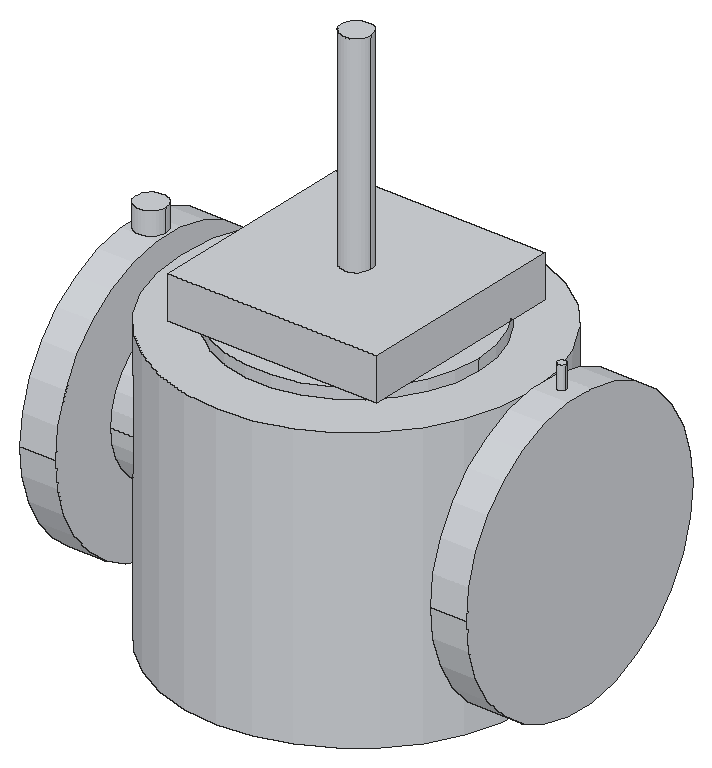
Revit family "OPTIMA_Compact_FLANGE_PN25_DN200-LF_RFA_2019", category Pipe Accessories, Revit 2019
Family settings
  Round Connector Dimension = Use Diameter
  Part Type = Valve - Breaks Into
  Work Plane-Based = No
  Always vertical = Yes
  Cut with Voids When Loaded = No
  Shared = No
Parameters (values of type "Optima Compact Flange PN25 DN200 LF")
  magiProductId = ""
  magiProductFamilyId = ""
  magiPartTypeId = 304
  isMeasuringValve [instance] = no
  ang2D [instance] = 0.00°
  W2D = 100 mm
  VersionID = "2.0/2018.8.28.1/FRESE_OPTIMA_FLANGE_Q13_002"
  Use Minimum Symbol Size [instance] = yes
  URL = "www.hydronic.cz"
  Type Comments = "Přírubový; PN25; 0~110°C, s měřením"
  R4 = 164.5 mm
  R3 = 98.8 mm
  R1 = 235 mm
  QmdConnectorList = "301;D;302;D"
  Productdata [instance] = ""
  Manufacturer = "Hydronic Systems Prague s.r.o."
  MC Product Code = "53-1226 (DN200 LF; 43mm; pohon min 1500N; Qmin-dpmin 95000l/h-11.0kPa; Qmax-dpmin 210000l/h-32.0kPa; dpmax 800kPa)"
  MC Piping Given Pressure Drop [instance] = 0.0 Pa
  LF__ve = -LF  # -48 mm
  LF2 = 24 mm
  LF = 48 mm
  L4 = 282 mm
  L3 = 504 mm
  L2D_Min = 3048 mm
  L2D = 350 mm
  L2 = 300 mm
  H6 = 281 mm
  H4 = 57 mm
  H3 = 15 mm
  H2 = 209 mm
  H1 = 380 mm
  Description = "Tlakově nezávislý 2-cestný regulační vyvažovací ventil (PICV)"
  DF2 = 190 mm
  D = 200 mm
  CAT0 = yes
Types (14, lengths in mm): name | magiProductId | magiProductFamilyId | W2D | Type Comments | R4 | R3 | R1 | MC Product Code | LF__ve | LF2 | LF | L4 | L3 | L2D | L2 | H6 | H4 | H3 | H2 | H1 | DF2 | D
  Optima Compact Flange PN25 DN050 LF | "Frese Optima Flange DN050 LF" | "Frese Optima Flange *" | 50 | "Přírubový; PN25; 0~120°C, s měřením" | 40.3 | 42.9 | 57.5 | "53-1220 (DN50 LF; 20mm; pohon min 1000N; Qmin-dpmin 2500l/h-6.5kPa; Qmax-dpmin 15000l/h-20.0kPa; dpmax 800kPa)" | -18.4 | 9.2 | 18.4 | 108.1 | 193.2 | 230 | 115 | 157.3 | 24.8 | 20.6 | 61.9 | 123.8 | 82.5 | 50
  Optima Compact Flange PN25 DN050 HF | "Frese Optima Flange DN050 HF" | "Frese Optima Flange *" | 50 | "Přírubový; PN25; 0~120°C, s měřením" | 40.25 | 42.9 | 57.5 | "53-1230 (DN50 HF; 20mm; pohon min 1000N; Qmin-dpmin 3900l/h-19.0kPa; Qmax-dpmin 24000l/h-50.0kPa; dpmax 800kPa)" | -18.4 | 9.2 | 18.4 | 108.1 | 193.2 | 230 | 115 | 157.25 | 24.75 | 20.625 | 61.875 | 123.75 | 82.5 | 50
  Optima Compact Flange PN25 DN065 LF | "Frese Optima Flange DN065 LF" | "Frese Optima Flange *" | 50 | "Přírubový; PN25; 0~120°C, s měřením" | 50.75 | 48.1 | 72.5 | "53-1221 (DN65 LF; 20mm; pohon min 1000N; Qmin-dpmin 4400l/h-15.0kPa; Qmax-dpmin 25000l/h-25.0kPa; dpmax 800kPa)" | -23.2 | 11.6 | 23.2 | 136.3 | 243.6 | 230 | 145 | 171.25 | 27.75 | 23.125 | 69.375 | 138.75 | 92.5 | 65
  Optima Compact Flange PN25 DN065 HF | "Frese Optima Flange DN065 HF" | "Frese Optima Flange *" | 50 | "Přírubový; PN25; 0~120°C, s měřením" | 50.75 | 48.1 | 72.5 | "53-1231 (DN65 HF; 20mm; pohon min 1000N; Qmin-dpmin 6000l/h-30.0kPa; Qmax-dpmin 35000l/h-55.0kPa; dpmax 800kPa)" | -23.2 | 11.6 | 23.2 | 136.3 | 243.6 | 230 | 145 | 171.25 | 27.75 | 23.125 | 69.375 | 138.75 | 92.5 | 65
  Optima Compact Flange PN25 DN080 LF | "Frese Optima Flange DN080 LF" | "Frese Optima Flange *" | 50 | "Přírubový; PN25; 0~120°C, s měřením" | 54.25 | 52 | 77.5 | "53-1222 (DN80 LF; 20mm; pohon min 1000N; Qmin-dpmin 5300l/h-16.0kPa; Qmax-dpmin 34000l/h-25.0kPa; dpmax 800kPa)" | -24.8 | 12.4 | 24.8 | 145.7 | 260.4 | 230 | 155 | 183 | 30 | 25 | 75 | 150 | 100 | 80
  Optima Compact Flange PN25 DN080 HF | "Frese Optima Flange DN080 HF" | "Frese Optima Flange *" | 50 | "Přírubový; PN25; 0~120°C, s měřením" | 54.25 | 52 | 77.5 | "53-1232 (DN80 HF; 20mm; pohon min 1000N; Qmin-dpmin 7000l/h-23.0kPa; Qmax-dpmin 43000l/h-50.0kPa; dpmax 800kPa)" | -24.8 | 12.4 | 24.8 | 145.7 | 260.4 | 230 | 155 | 183 | 30 | 25 | 75 | 150 | 100 | 80
  Optima Compact Flange PN25 DN100 LF | "Frese Optima Flange DN100 LF" | "Frese Optima Flange *" | 50 | "Přírubový; PN25; 0~120°C, s měřením" | 61.25 | 61.1 | 87.5 | "53-1223 (DN100 LF; 40mm; pohon min 1000N; Qmin-dpmin 12100l/h-20.0kPa; Qmax-dpmin 68000l/h-35.0kPa; dpmax 800kPa)" | -28 | 14 | 28 | 164.5 | 294 | 230 | 175 | 268.75 | 35.25 | 29.375 | 88.125 | 176.25 | 117.5 | 100
  Optima Compact Flange PN25 DN100 HF | "Frese Optima Flange DN100 HF" | "Frese Optima Flange *" | 50 | "Přírubový; PN25; 0~120°C, s měřením" | 61.25 | 61.1 | 87.5 | "53-1233 (DN100 HF; 40mm; pohon min 1000N; Qmin-dpmin 14800l/h-30.0kPa; Qmax-dpmin 90000l/h-75.0kPa; dpmax 800kPa)" | -28 | 14 | 28 | 164.5 | 294 | 230 | 175 | 268.75 | 35.25 | 29.375 | 88.125 | 176.25 | 117.5 | 100
  Optima Compact Flange PN25 DN125 LF | "Frese Optima Flange DN125 LF" | "Frese Optima Flange *" | 50 | "Přírubový; PN25; 0~120°C, s měřením" | 70 | 70.2 | 100 | "53-1224 (DN125 LF; 40mm; pohon min 1000N; Qmin-dpmin 18500l/h-16.0kPa; Qmax-dpmin 110000l/h-35.0kPa; dpmax 800kPa)" | -32 | 16 | 32 | 188 | 336 | 230 | 200 | 275.5 | 40.5 | 33.75 | 101.25 | 202.5 | 135 | 125
  Optima Compact Flange PN25 DN125 HF | "Frese Optima Flange DN125 HF" | "Frese Optima Flange *" | 50 | "Přírubový; PN25; 0~120°C, s měřením" | 70 | 70.2 | 100 | "53-1234 (DN125 HF; 40mm; pohon min 1000N; Qmin-dpmin 23000l/h-27.0kPa; Qmax-dpmin 135000l/h-53.0kPa; dpmax 800kPa)" | -32 | 16 | 32 | 188 | 336 | 230 | 200 | 275.5 | 40.5 | 33.75 | 101.25 | 202.5 | 135 | 125
  Optima Compact Flange PN25 DN150 LF | "Frese Optima Flange DN150 LF" | "Frese Optima Flange *" | 50 | "Přírubový; PN25; 0~110°C, s měřením" | 84 | 74.1 | 120 | "53-1225 (DN150 LF; 43mm; pohon min 1500N; Qmin-dpmin 25600l/h-21.0kPa; Qmax-dpmin 148000l/h-35.0kPa; dpmax 800kPa)" | -38.4 | 19.2 | 38.4 | 225.6 | 403.2 | 230 | 240 | 279.25 | 42.75 | 35.625 | 106.875 | 213.75 | 142.5 | 150
  Optima Compact Flange PN25 DN150 HF | "Frese Optima Flange DN150 HF" | "Frese Optima Flange *" | 50 | "Přírubový; PN25; 0~110°C, s měřením" | 84 | 74.1 | 120 | "53-1235 (DN150 HF; 43mm; pohon min 1500N; Qmin-dpmin 32000l/h-33.0kPa; Qmax-dpmin 195000l/h-65.0kPa; dpmax 800kPa)" | -38.4 | 19.2 | 38.4 | 225.6 | 403.2 | 230 | 240 | 279.25 | 42.75 | 35.625 | 106.875 | 213.75 | 142.5 | 150
  Optima Compact Flange PN25 DN200 LF | "" | "" | 100 | "Přírubový; PN25; 0~110°C, s měřením" | 164.5 | 98.8 | 235 | "53-1226 (DN200 LF; 43mm; pohon min 1500N; Qmin-dpmin 95000l/h-11.0kPa; Qmax-dpmin 210000l/h-32.0kPa; dpmax 800kPa)" | -48 | 24 | 48 | 282 | 504 | 350 | 300 | 281 | 57 | 15 | 209 | 380 | 190 | 200
  Optima Compact Flange PN25 DN200 HF | "" | "" | 100 | "Přírubový; PN25; 0~110°C, s měřením" | 164.5 | 98.8 | 235 | "53-1236 (DN200 HF; 43mm; pohon min 1500N; Qmin-dpmin 130000l/h-31.0kPa; Qmax-dpmin 280000l/h-78.0kPa; dpmax 800kPa)" | -48 | 24 | 48 | 282 | 504 | 350 | 300 | 281 | 57 | 15 | 209 | 380 | 190 | 200
Reference planes
  plane 1 "Center (Front/Back)": y = 0
  plane 2 "XYPLANE": z = 0
  plane 3 "Center (Left/Right)": x = 0
  plane 4 "157": x = 276
  plane 5 "156": x = -276
  plane 6 "155": z = 190
  plane 7 "154": z = 243
  plane 8 "153": z = 186
  plane 9 "152": z = 171
  plane 10 "151": x = -252
  plane 11 "150": z = -209
  plane 12 "149": x = 0
  plane 13 "148": y = 0
  plane 14 "147": z = 0
  plane 15 "146": x = -300
  plane 16 "145": x = 300
Forms (mm)
  Extrusion 1, solid, visible <- "CAT0"
    sketch origin (-750, 0, 190) x (1, 0, 0) y (0, 1, 0)
      loop
        circle (1026, 0) r 5.5
    from 0 to 30
  Extrusion 2, solid, visible <- "CAT0"
    sketch origin (-750, 0, 190) x (1, 0, 0) y (0, 1, 0)
      loop
        circle (474, 0) r 20.3
    from 0 to 30
  Extrusion 3, solid, visible <- "CAT0"
    sketch origin (-750, 0, 243) x (1, 0, 0) y (0, 1, 0)
      loop
        circle (750, 0) r 20
    from 0 to 281 <- "H6"
  Extrusion 4, solid, visible <- "CAT0"
    sketch origin (-750, 0, 186) x (1, 0, 0) y (0, 1, 0)
      loop
        line (891, 141) -> (609, 141) -> (609, -141) -> (891, -141) -> (891, 141)
    from 0 to 57 <- "H4"
  Extrusion 5, solid, visible <- "CAT0"
    sketch origin (-750, 0, 171) x (1, 0, 0) y (0, 1, 0)
      loop
        circle (750, 0) r 164.5
    from 0 to 15 <- "H3"
  Extrusion 6, solid, visible <- "CAT0"
    sketch origin (-252, -750, 0) x (0, 1, 0) y (0, 0, 1)
      loop
        circle (750, 0) r 98.8
    from 0 to 504 <- "L3"
  Extrusion 7, solid, visible <- "CAT0"
    sketch origin (-750, 0, -209) x (1, 0, 0) y (0, 1, 0)
      loop
        circle (750, 0) r 235
    from 0 to 380 <- "H1"
  Extrusion 8, solid, visible <- "CAT0"
    sketch origin (-300, -750, 0) x (0, 1, 0) y (0, 0, 1)
      loop
        circle (750, 0) r 190
    from 0 to 48 <- "LF"
  Extrusion 9, solid, visible <- "CAT0"
    sketch origin (300, -750, 0) x (0, 1, 0) y (0, 0, 1)
      loop
        circle (750, 0) r 190
    from 0 to -48 <- "LF__ve"
  Extrusion 10, solid, not visible
    sketch origin (-300, -750, 0) x (0, 1, 0) y (0, 0, 1)
      loop
        circle (750, 0) r 10
    from 0 to 10
  Extrusion 11, solid, not visible
    sketch origin (300, -750, 0) x (0, 1, 0) y (0, 0, 1)
      loop
        circle (750, 0) r 10
    from 0 to -10
Lines and regions (mm)
  reference lines, not visible
    curve 1: circle (2, 2, 0) r 1 normal (0, 0, 1)
  reference lines
    curve 2: circle (0, 0, 186) r 1 normal (0, 0, 1)
Dimensions and locks
  plane 1 "Center (Front/Back)" to curve 1 = 2 mm
  "LF2": plane 16 "145" to plane 4 "157"
  "LF2": plane 15 "146" to plane 5 "156"
  "DF2": plane 2 "XYPLANE" to plane 6 "155"
  "H4": plane 8 "153" to plane 7 "154"
  "H3": plane 9 "152" to plane 8 "153"
  "H1": plane 11 "150" to plane 9 "152"
  "LF": plane 15 "146" to plane 10 "151"
  "H2": plane 2 "XYPLANE" to plane 11 "150"
  locked: plane 3 "Center (Left/Right)" to plane 12 "149"
  locked: plane 1 "Center (Front/Back)" to plane 13 "148"
  locked: plane 2 "XYPLANE" to plane 14 "147"
  "L2": plane 3 "Center (Left/Right)" to plane 15 "146"
  "L2": plane 3 "Center (Left/Right)" to plane 16 "145"
  equal spacing: Extrusion 4 sketch curve, curve 2, Extrusion 4 sketch curve  (x2)
  "L4": Extrusion 4 sketch curve to Extrusion 4 sketch curve  (x2)
  Extrusion 4 sketch curve to Extrusion 4 sketch curve = 0 mm  (x8)
  "R4": radius of Extrusion 5 sketch curve
  "R3": radius of Extrusion 6 sketch curve
  "R1": radius of Extrusion 7 sketch curve
  "DF2": radius of Extrusion 8 sketch curve
  "DF2": radius of Extrusion 9 sketch curve
  aligned and locked: level to plane 2 "XYPLANE"
  aligned and locked: plane 4 "157" to Extrusion 1 sketch curve
  aligned and locked: plane 13 "148" to Extrusion 1 sketch curve
  aligned and locked: plane 5 "156" to Extrusion 2 sketch curve
  aligned and locked: plane 13 "148" to Extrusion 2 sketch curve
  aligned and locked: plane 12 "149" to Extrusion 3 sketch curve
  aligned and locked: plane 13 "148" to Extrusion 3 sketch curve
  aligned and locked: plane 12 "149" to curve 2
  aligned and locked: plane 13 "148" to curve 2
  aligned and locked: plane 12 "149" to Extrusion 5 sketch curve
  aligned and locked: plane 13 "148" to Extrusion 5 sketch curve
  aligned and locked: Extrusion 6 sketch curve to plane 13 "148"
  aligned and locked: plane 14 "147" to Extrusion 6 sketch curve
  aligned and locked: plane 12 "149" to Extrusion 7 sketch curve
  aligned and locked: plane 13 "148" to Extrusion 7 sketch curve
  aligned and locked: Extrusion 8 sketch curve to plane 13 "148"
  aligned and locked: plane 14 "147" to Extrusion 8 sketch curve
  aligned and locked: Extrusion 9 sketch curve to plane 13 "148"
  aligned and locked: plane 14 "147" to Extrusion 9 sketch curve
  aligned and locked: Extrusion 10 sketch curve to plane 13 "148"
  aligned and locked: plane 14 "147" to Extrusion 10 sketch curve
  aligned and locked: Extrusion 11 sketch curve to plane 13 "148"
  aligned and locked: plane 14 "147" to Extrusion 11 sketch curve
Automatic sketch dimensions
  Extrusion 1 sketch curve to plane 4 "157" = 5.5 mm
  plane 15 "146" to Extrusion 2 sketch curve = 3.7 mm
  Extrusion 3 sketch curve to plane 3 "Center (Left/Right)" = 20 mm
  plane 1 "Center (Front/Back)" to Extrusion 10 sketch curve = 10 mm
  plane 1 "Center (Front/Back)" to Extrusion 11 sketch curve = 10 mm
  plane 3 "Center (Left/Right)" to curve 1 = 2 mm
  plane 10 "151" to Extrusion 4 sketch curve = 111 mm
  plane 1 "Center (Front/Back)" to Extrusion 4 sketch curve = 141 mm
  radius of curve 2 = 1 mm
  radius of curve 1 = 1 mm
Connectors
  piping at (-300, 0, 0), diameter 200, driven by "D"
    settings: on Extrusion 10, index 1, connector inside diameter 609.6 mm, connector length 0 mm, flow factor 0, pipe flow 0.0 L/s, pressure drop 0.0 Pa, fitting loss kfactor 0, connector angle 0.00°, fixture units 0, engagement length 0 mm, angle of deflection 0.00°, flow configuration 0, flow direction 0, fitting loss method 0, system type 29, joint type 0, gender type 0, connector reference index 2, connector utility 0, adjustable connector no, is connector primary yes, connector description ""
  piping at (300, 0, 0), diameter 200, driven by "D"
    settings: on Extrusion 11, index 2, connector inside diameter 609.6 mm, connector length 0 mm, flow factor 0, pipe flow 0.0 L/s, pressure drop 0.0 Pa, fitting loss kfactor 0, connector angle 0.00°, fixture units 0, engagement length 0 mm, angle of deflection 0.00°, flow configuration 0, flow direction 0, fitting loss method 0, system type 29, joint type 0, gender type 0, connector reference index 1, connector utility 0, adjustable connector no, is connector primary no, connector description ""
